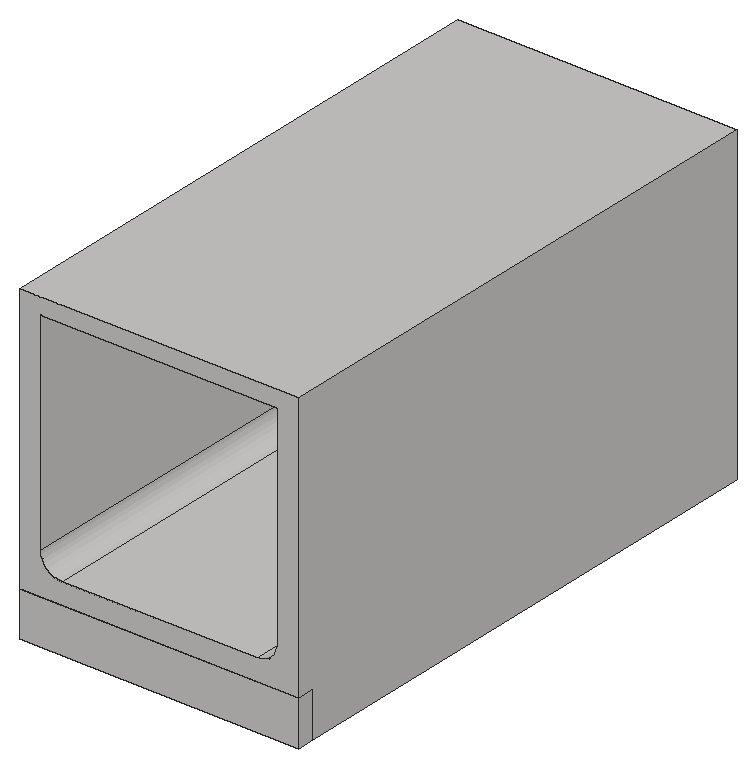
Revit family "QF_ELECTROLUXPROFESSIONAL_588572_MB1BCADOOO", category Attrezzature speciali, Revit 2020
Family settings
  Quota connettore circolare = Usa diametro
  Tipo di parte = Normale
  Basato su piano di lavoro = No
  Sempre verticale = Sì
  Taglio con vuoti quando caricato = No
  Condiviso = No
  Punto di calcolo locali = No
Parameters (values of type "Standard")
  Weight = 17.00 kg
  Watts = 0 W
  Volts = 0 V
  URL Manufacturer = "https://www.electroluxprofessional.com/"
  URL = "https://www.electroluxprofessional.com/"
  Steam Supply Size = 0"
  Steam Supply Minimum Pressure = 0.00 psi
  Steam Supply Maximum Pressure = 0.00 psi
  Steam Consumption per Hour = 0
  Refrigeration Suction Line Size = 0 mm
  Refrigeration Liquid Line Size = 0 mm
  Refrigerant Compressor Remote = yes
  Prospetto di default = 0 mm
  Phase = 0
  Modello = "MB1BCADOOO"
  Produttore = "Electrolux Professional"
  Length Actual = 400 mm  # constant formula
  Item Number = "588572"
  Hot Water Size = 0"
  Height Actual = 450 mm  # constant formula
  HP = "0 HP"
  Gas Size = 0"
  Gas KW = 0
  Gas Input Pressure = 0.0 Btu/h
  Direct Waste Size = 0"
  Descrizione = "OPEN BASE,GN,1-SIDE,H2-400X850X450H"
  Depth Actual = 850 mm  # constant formula
  Cycle = 0 Hz
  Condensate Return Size = 0"
  Compressed Air Volume = 0 GPM
  Compressed Air Size = 0"
  Compressed Air Pressure = 0.00 psi
  Cold Water Size = 0"
  Accessory = yes
Reference planes
  plane 1 "BACK": y = 0
  plane 2: z = 0
  plane 3 "LEFT": x = 0
  plane 4 "RIGHT": x = 400
  plane 5 "FRONT": y = -850
  plane 6 "PLAIN": z = 900
  plane 7 "Center (Left/Right)": x = 200
  plane 8 "Center (Front/Back)": y = -425
  plane 9 "TOP": z = 650
  plane 10 "BASE": z = 200
  plane 11: x = 322
  plane 12: x = 78
  plane 13 "Feet_back": y = -150
  plane 14 "Feet_Front": y = -720
  plane 15: x = 0
  plane 16: x = 400
  plane 17: z = 265
  plane 18: y = -45
  plane 19: y = -805
  plane 20: y = -70
  plane 21: y = -830
  plane 22 "ButtonZ": z = 590
Forms (mm)
  Extrusion 1, solid, material "QF_Finishes_Stainless Steel"
    sketch origin (0, 0, 650) x (0, 1, 0) y (0, 0, 1)
      loop
        line (-45, -450) -> (-45, 0) -> (-805, 0) -> (-805, -450) -> (-45, -450)
    from 0 to 400
  Extrusion 2, solid, material "QF_Finishes_Stainless Steel"
    sketch origin (0, 0, 650) x (0, 1, 0) y (0, 0, 1)
      loop
        line (-830, -450) -> (-805, -450) -> (-805, -385) -> (-830, -385) -> (-830, -450)
    from 0 to 400
  Extrusion 3, void
    sketch origin (0, -850, 0) x (1, 0, 0) y (0, 0, 1)
      loop
        line (0, 650) -> (0, 265) -> (400, 265) -> (400, 650) -> (0, 650)
    from 0 to -780
  Extrusion 4, solid, material "QF_Finishes_Stainless Steel"
    sketch origin (0, -850, 0) x (1, 0, 0) y (0, 0, 1)
      loop
        line (30, 650) -> (30, 627) -> (370, 627) -> (370, 650) -> (30, 650)
    from -20 to -805
  Extrusion 5, solid, material "QF_Finishes_Stainless Steel"
    sketch origin (0, -850, 0) x (1, 0, 0) y (0, 0, 1)
      loop
        line (0, 650) -> (0, 265) -> (400, 265) -> (400, 650) -> (370, 650) -> (370, 325)
        arc (370, 325) -> (361.213, 303.787) -> (340, 295) r 30
        line (340, 295) -> (60, 295)
        arc (60, 295) -> (38.787, 303.787) -> (30, 325) r 30
        line (30, 325) -> (30, 650) -> (0, 650)
    from -20 to -780
Cuts and joins
  Extrusion 3 cuts Extrusion 1
  joined: Extrusion 1, Extrusion 4, Extrusion 5
Lines and regions (mm)
  symbolic lines, style "SpecialityEquipmentHiddenLines"
    curve 1: line (0, 0, 0) -> (400, 0, 0)
    curve 2: line (0, -850, 0) -> (0, 0, 0)
    curve 3: line (400, -850, 0) -> (0, -850, 0)
    curve 4: line (400, 0, 0) -> (400, -850, 0)
Dimensions and locks
  plane 3 "LEFT" to plane 4 "RIGHT" = 400 mm
  plane 5 "FRONT" to plane 1 "BACK" = 850 mm
  equal spacing: plane 3 "LEFT", plane 7 "Center (Left/Right)", plane 4 "RIGHT"
  equal spacing: plane 5 "FRONT", plane 8 "Center (Front/Back)", plane 1 "BACK"
  plane 6 "PLAIN" to plane 9 "TOP" = 250 mm
  plane 10 "BASE" to level = 200 mm
  plane 9 "TOP" to plane 10 "BASE" = 450 mm
  locked: plane 1 "BACK" to plane 13 "Feet_back" at 150
  locked: plane 14 "Feet_Front" to plane 5 "FRONT" at 130
  locked: plane 12 to plane 3 "LEFT" at 78
  locked: plane 11 to plane 4 "RIGHT" at 78
  plane 16 to plane 15 = 400 mm
  equal spacing: plane 16, plane 7 "Center (Left/Right)", plane 15
  locked: plane 17 to plane 10 "BASE" at 65
  locked: plane 1 "BACK" to plane 18 at 45
  plane 9 "TOP" to Extrusion 4 sketch curve = 23 mm
  locked: Extrusion 4 sketch curve to plane 15 at 30
  locked: plane 16 to Extrusion 4 sketch curve at 30
  locked: Extrusion 5 sketch curve to plane 17 at 30
  plane 6 "PLAIN" to level = 900 mm
  Extrusion 5 to Extrusion 5 = 340 mm
  locked: plane 18 to plane 20 at 25
  locked: plane 21 to plane 5 "FRONT" at 20
  locked: plane 19 to plane 21 at 25
  plane 18 to plane 21 = 785 mm
  plane 22 "ButtonZ" to level = 590 mm
  aligned and locked: level to plane 2
  aligned and locked: Extrusion 1 to plane 4 "RIGHT"
  aligned and locked: Extrusion 1 to plane 3 "LEFT"
  aligned and locked: Extrusion 2 to plane 4 "RIGHT"
  aligned and locked: plane 9 "TOP" to Extrusion 3 sketch curve
  aligned and locked: Extrusion 3 sketch curve to plane 15
  aligned and locked: plane 16 to Extrusion 3 sketch curve
  aligned and locked: Extrusion 2 to plane 10 "BASE"
  aligned and locked: Extrusion 2 to plane 17
  aligned and locked: plane 17 to Extrusion 3 sketch curve
  aligned and locked: Extrusion 4 to plane 18
  aligned and locked: Extrusion 5 sketch curve to plane 15
  aligned and locked: plane 16 to Extrusion 5 sketch curve
  aligned and locked: plane 9 "TOP" to Extrusion 5 sketch curve  (x2)
  aligned and locked: plane 17 to Extrusion 5 sketch curve
  aligned and locked: Extrusion 5 sketch curve to Extrusion 4  (x2)
  aligned and locked: Extrusion 5 to plane 20
  aligned and locked: cut or joined group of Extrusion 1, Extrusion 3, Extrusion 4, Extrusion 5 to plane 20
  aligned and locked: cut or joined group of Extrusion 1, Extrusion 3, Extrusion 4, Extrusion 5 to plane 18
  aligned and locked: plane 21 to Extrusion 5
  aligned and locked: Extrusion 2 to plane 19
  aligned and locked: plane 21 to Extrusion 2
  aligned and locked: plane 21 to cut or joined group of Extrusion 1, Extrusion 3, Extrusion 4, Extrusion 5
Automatic sketch dimensions
  Extrusion 1 sketch curve to plane 10 "BASE" = 0 mm
  Extrusion 1 sketch curve to plane 9 "TOP" = 0 mm
  plane 1 "BACK" to Extrusion 1 sketch curve = 45 mm
  Extrusion 1 sketch curve to plane 5 "FRONT" = 45 mm
  Extrusion 2 sketch curve to plane 5 "FRONT" = 20 mm
  Extrusion 2 sketch curve to plane 9 "TOP" = 385 mm
  plane 10 "BASE" to Extrusion 2 sketch curve = 0 mm
  Extrusion 2 sketch curve to plane 5 "FRONT" = 45 mm
  Extrusion 4 sketch curve to plane 9 "TOP" = 0 mm
  Extrusion 5 sketch curve to Extrusion 5 sketch curve = 30 mm  (x2)
  curve 3 to plane 3 "LEFT" = 0 mm
  curve 3 to plane 4 "RIGHT" = 0 mm
  plane 5 "FRONT" to curve 3 = 0 mm
  plane 1 "BACK" to curve 2 = 0 mm
